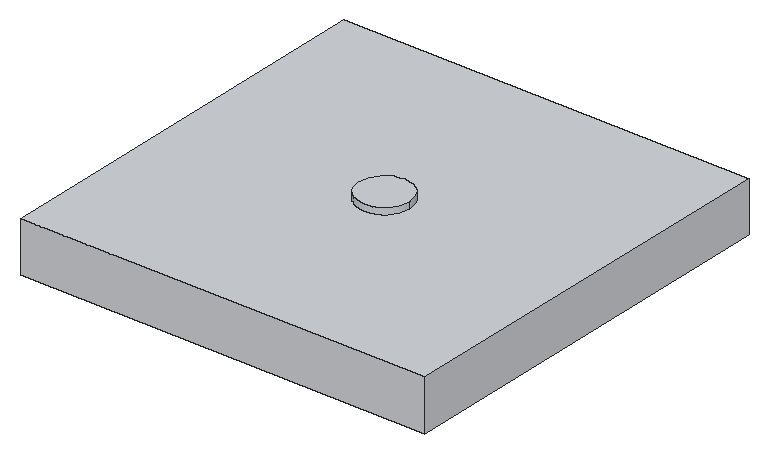
Revit family "M_Alto-falante do alarme de incêndio", category Dispositivos de alarme de incêndio, Revit 2019
Family settings
  Hospedeiro = Face
  Manter orientação da anotação = Sim
  Cota do conector redondo = Utilizar diâmetro
  Tipo de parte = Normal
  Número OmniClass = 23.85.30.21.11.17
  Título OmniClass = Other Components
  ID de item do Seek = Fire Alarm Speaker-0000-CAN-ENU
  Corte com vazios quando carregada = Não
  Compartilhado = Não
  Ponto de cálculo do ambiente = Não
Parameters (values of type "Padrão")
  Raio = Diâmetro * 0.5  # 152.5 mm
  Comprimento = 38 mm
  Legenda = "S"
  Diâmetro = 305 mm
  Elevação-padrão = 1200 mm
Reference planes
  plane 1 "Centro (Frente/Trás)": y = 0
  plane 2: z = 0
  plane 3 "Centro (Esquerda/Direita)": x = 0
  plane 4: z = 38
Forms (mm)
  Extrusion 1, solid
    sketch origin (0, 0, 0) x (1, 0, 0) y (0, 1, 0)
      loop
        line (-1219.2, 1219.2) -> (-1219.2, -1219.2) -> (1219.2, -1219.2) -> (1219.2, 1219.2) -> (-1219.2, 1219.2)
    from 0 to -304.8
  Extrusion 2, solid
    sketch origin (0, 0, 0) x (1, 0, 0) y (0, 1, 0)
      loop
        circle (0, 0) r 152.5
    from 0 to 38
Lines and regions (mm)
  symbolic lines, detail levels fine
    curve 1: arc (152.5, 0, 0) -> (0, 152.5, 0) -> (-152.5, 0, 0) r 152.5
    curve 2: arc (-152.5, 0, 0) -> (0, -152.5, 0) -> (152.5, 0, 0) r 152.5
Dimensions and locks
  "Comprimento": plane 4 to plane 2
  "Raio": radius of Extrusion 2 sketch curve
  aligned and locked: plane 2 to Extrusion 1
  aligned and locked: level to Extrusion 1
  aligned and locked: plane 1 "Centro (Frente/Trás)" to Extrusion 2 sketch curve
  aligned and locked: plane 3 "Centro (Esquerda/Direita)" to Extrusion 2 sketch curve
  aligned and locked: plane 4 to Extrusion 2
  aligned and locked: Extrusion 2 to plane 2
  aligned and locked: curve 1 to Extrusion 2
  aligned and locked: curve 2 to Extrusion 2
  aligned and locked: plane 1 "Centro (Frente/Trás)" to nested 1
  aligned and locked: nested 1 to plane 3 "Centro (Esquerda/Direita)"
Automatic sketch dimensions
  Extrusion 1 sketch curve to Extrusion 1 sketch curve = 2438.4 mm  (x2)
Nested families
  nested 1: "M_Anotação do alto-falante do alarme de incêndio" at (0, 0, 0), type "Anotação do alto-falante do alarme de incêndio", detail levels coarse+medium
Connectors
  electrical at (0, 0, 0)
    settings: on Extrusion 2, index 1, voltage 0 V, apparent load 0 VA, apparent load phase1 0 VA, apparent load phase2 0 VA, apparent load phase3 0 VA, power factor 1, load classification "Outros", number of poles 1, system type 11, power factor state 1, is connector primary yes, connector utility no, sub classification motor no, connector description ""
Definition of nested family "M_Anotação do alto-falante do alarme de incêndio"
  Parameters
    Anotação de legenda = "S"
  Reference planes
    plane 1: y = 0
    plane 2: x = 0
  Lines and regions (mm)
    reference lines
      curve 1: line (-9.871, 0, 0) -> (21.048, 0, 0)
    detail lines
      curve 2: circle (0, 0, 0) r 2.381 normal (0, 0, 1)
  Text (mm)
    label "S" at (-1.058, -0.184, 0), shows "Anotação de legenda"
  Dimensions and locks
    locked: plane 1 to curve 1
    radius of curve 2 = 2.381 mm
    aligned and locked: curve 1 to curve 2
    aligned and locked: plane 2 to curve 2
